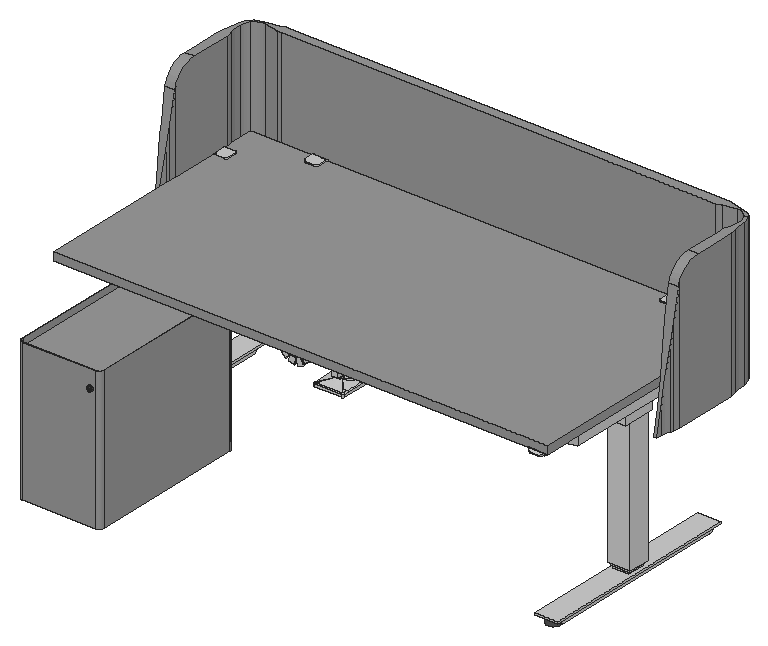
Revit family "Haworth_HiYa_MotorDriven_Rectangle_Desk_EU_PRELIMINARY", category Furniture Systems, Revit 2018 (continued)
Definition of nested family "Haworth_CableChain_PART"
  Automatic sketch dimensions
    Extrusion 10 sketch curve to Extrusion 10 sketch curve = 0.1185 cm  (x2)
    Extrusion 10 sketch curve to Extrusion 10 sketch curve = 1.4573 cm
    Extrusion 10 sketch curve to Extrusion 10 sketch curve = 0.0655 cm
    Extrusion 10 sketch curve to Extrusion 10 sketch curve = 0.062 cm
    Extrusion 10 sketch curve to Extrusion 10 sketch curve = 0.0026 cm
    Extrusion 10 sketch curve to Extrusion 10 sketch curve = 0.004 cm
    plane 8 to Extrusion 10 sketch curve = 0.3839 cm
    Extrusion 10 sketch curve to Extrusion 10 sketch curve = 1.5308 cm
    plane 3 "Right" to Extrusion 11 sketch curve = 2.2354 cm  (x2)
    Extrusion 11 sketch curve to Extrusion 11 sketch curve = 0.2183 cm  (x4)
    Extrusion 11 sketch curve to plane 8 = 0.4827 cm  (x2)
    Extrusion 11 sketch curve to Extrusion 11 sketch curve = 0.3167 cm
    Extrusion 11 sketch curve to plane 8 = 0.664 cm
    Extrusion 11 sketch curve to Extrusion 11 sketch curve = 0.1216 cm
    Extrusion 11 sketch curve to Extrusion 11 sketch curve = 0.1182 cm
    plane 8 to Extrusion 11 sketch curve = 0.1338 cm
    Extrusion 11 sketch curve to Extrusion 11 sketch curve = 0.5623 cm
    Extrusion 11 sketch curve to plane 8 = 0.2227 cm
    Extrusion 11 sketch curve to Extrusion 11 sketch curve = 0.3491 cm
    Extrusion 11 sketch curve to Extrusion 11 sketch curve = 0.0072 cm
    Extrusion 11 sketch curve to Extrusion 11 sketch curve = 0.0001 cm
    Extrusion 11 sketch curve to Extrusion 11 sketch curve = 0.093 cm
    Extrusion 11 sketch curve to Extrusion 11 sketch curve = 0.2544 cm
    plane 8 to Extrusion 11 sketch curve = 0.2193 cm
    Extrusion 11 sketch curve to Extrusion 11 sketch curve = 0.1316 cm
    plane 8 to Extrusion 11 sketch curve = 0.0365 cm  (x2)
    Extrusion 11 sketch curve to Extrusion 11 sketch curve = 0.1194 cm
    plane 3 "Right" to Extrusion 11 sketch curve = 0.1835 cm  (x2)
    Extrusion 11 sketch curve to plane 3 "Right" = 0.0348 cm  (x2)
    Extrusion 11 sketch curve to Extrusion 11 sketch curve = 0.3474 cm
    Extrusion 11 sketch curve to Extrusion 11 sketch curve = 0.1185 cm  (x2)
    Extrusion 11 sketch curve to Extrusion 11 sketch curve = 1.4573 cm
    Extrusion 11 sketch curve to Extrusion 11 sketch curve = 0.0655 cm
    Extrusion 11 sketch curve to Extrusion 11 sketch curve = 0.062 cm
    Extrusion 11 sketch curve to Extrusion 11 sketch curve = 0.0026 cm
    Extrusion 11 sketch curve to Extrusion 11 sketch curve = 0.004 cm
    plane 8 to Extrusion 11 sketch curve = 0.3839 cm
    Extrusion 11 sketch curve to Extrusion 11 sketch curve = 1.5308 cm
    plane 3 "Right" to Extrusion 12 sketch curve = 2.2354 cm  (x2)
    Extrusion 12 sketch curve to Extrusion 12 sketch curve = 0.2183 cm  (x4)
    Extrusion 12 sketch curve to plane 8 = 0.4827 cm  (x2)
    Extrusion 12 sketch curve to Extrusion 12 sketch curve = 0.3167 cm
    Extrusion 12 sketch curve to plane 8 = 0.664 cm
    Extrusion 12 sketch curve to Extrusion 12 sketch curve = 0.1216 cm
    Extrusion 12 sketch curve to Extrusion 12 sketch curve = 0.1182 cm
    plane 8 to Extrusion 12 sketch curve = 0.1338 cm
    Extrusion 12 sketch curve to Extrusion 12 sketch curve = 0.5623 cm
    Extrusion 12 sketch curve to plane 8 = 0.2227 cm
    Extrusion 12 sketch curve to Extrusion 12 sketch curve = 0.3491 cm
    Extrusion 12 sketch curve to Extrusion 12 sketch curve = 0.0072 cm
    Extrusion 12 sketch curve to Extrusion 12 sketch curve = 0.0001 cm
    Extrusion 12 sketch curve to Extrusion 12 sketch curve = 0.093 cm
    Extrusion 12 sketch curve to Extrusion 12 sketch curve = 0.2544 cm
    plane 8 to Extrusion 12 sketch curve = 0.2193 cm
    Extrusion 12 sketch curve to Extrusion 12 sketch curve = 0.1316 cm
    plane 8 to Extrusion 12 sketch curve = 0.0365 cm  (x2)
    Extrusion 12 sketch curve to Extrusion 12 sketch curve = 0.1194 cm
    plane 3 "Right" to Extrusion 12 sketch curve = 0.1835 cm  (x2)
    Extrusion 12 sketch curve to plane 3 "Right" = 0.0348 cm  (x2)
    Extrusion 12 sketch curve to Extrusion 12 sketch curve = 0.3474 cm
    Extrusion 12 sketch curve to Extrusion 12 sketch curve = 0.1185 cm  (x2)
    Extrusion 12 sketch curve to Extrusion 12 sketch curve = 1.4573 cm
    Extrusion 12 sketch curve to Extrusion 12 sketch curve = 0.0655 cm
    Extrusion 12 sketch curve to Extrusion 12 sketch curve = 0.062 cm
    Extrusion 12 sketch curve to Extrusion 12 sketch curve = 0.0026 cm
    Extrusion 12 sketch curve to Extrusion 12 sketch curve = 0.004 cm
    plane 8 to Extrusion 12 sketch curve = 0.3839 cm
    Extrusion 12 sketch curve to Extrusion 12 sketch curve = 1.5308 cm
    plane 3 "Right" to Extrusion 13 sketch curve = 2.2354 cm  (x2)
    Extrusion 13 sketch curve to Extrusion 13 sketch curve = 0.2183 cm  (x4)
    Extrusion 13 sketch curve to plane 8 = 0.4827 cm  (x2)
    Extrusion 13 sketch curve to Extrusion 13 sketch curve = 0.3167 cm
    Extrusion 13 sketch curve to plane 8 = 0.664 cm
    Extrusion 13 sketch curve to Extrusion 13 sketch curve = 0.1216 cm
    Extrusion 13 sketch curve to Extrusion 13 sketch curve = 0.1182 cm
    plane 8 to Extrusion 13 sketch curve = 0.1338 cm
    Extrusion 13 sketch curve to Extrusion 13 sketch curve = 0.5623 cm
    Extrusion 13 sketch curve to plane 8 = 0.2227 cm
    Extrusion 13 sketch curve to Extrusion 13 sketch curve = 0.3491 cm
    Extrusion 13 sketch curve to Extrusion 13 sketch curve = 0.0072 cm
    Extrusion 13 sketch curve to Extrusion 13 sketch curve = 0.0001 cm
    Extrusion 13 sketch curve to Extrusion 13 sketch curve = 0.093 cm
    Extrusion 13 sketch curve to Extrusion 13 sketch curve = 0.2544 cm
    plane 8 to Extrusion 13 sketch curve = 0.2193 cm
    Extrusion 13 sketch curve to Extrusion 13 sketch curve = 0.1316 cm
    plane 8 to Extrusion 13 sketch curve = 0.0365 cm  (x2)
    Extrusion 13 sketch curve to Extrusion 13 sketch curve = 0.1194 cm
    plane 3 "Right" to Extrusion 13 sketch curve = 0.1835 cm  (x2)
    Extrusion 13 sketch curve to plane 3 "Right" = 0.0348 cm  (x2)
    Extrusion 13 sketch curve to Extrusion 13 sketch curve = 0.3474 cm
    Extrusion 13 sketch curve to Extrusion 13 sketch curve = 0.1185 cm  (x2)
    Extrusion 13 sketch curve to Extrusion 13 sketch curve = 1.4573 cm
    Extrusion 13 sketch curve to Extrusion 13 sketch curve = 0.0655 cm
    Extrusion 13 sketch curve to Extrusion 13 sketch curve = 0.062 cm
    Extrusion 13 sketch curve to Extrusion 13 sketch curve = 0.0026 cm
    Extrusion 13 sketch curve to Extrusion 13 sketch curve = 0.004 cm
    plane 8 to Extrusion 13 sketch curve = 0.3839 cm
    Extrusion 13 sketch curve to Extrusion 13 sketch curve = 1.5308 cm
    plane 3 "Right" to Extrusion 14 sketch curve = 2.2354 cm  (x2)
    Extrusion 14 sketch curve to Extrusion 14 sketch curve = 0.2183 cm  (x4)
    Extrusion 14 sketch curve to plane 8 = 0.4827 cm  (x2)
    Extrusion 14 sketch curve to Extrusion 14 sketch curve = 0.3167 cm
    Extrusion 14 sketch curve to plane 8 = 0.664 cm
    Extrusion 14 sketch curve to Extrusion 14 sketch curve = 0.1216 cm
    Extrusion 14 sketch curve to Extrusion 14 sketch curve = 0.1182 cm
    plane 8 to Extrusion 14 sketch curve = 0.1338 cm
    Extrusion 14 sketch curve to Extrusion 14 sketch curve = 0.5623 cm
    Extrusion 14 sketch curve to plane 8 = 0.2227 cm
    Extrusion 14 sketch curve to Extrusion 14 sketch curve = 0.3491 cm
    Extrusion 14 sketch curve to Extrusion 14 sketch curve = 0.0072 cm
    Extrusion 14 sketch curve to Extrusion 14 sketch curve = 0.0001 cm
    Extrusion 14 sketch curve to Extrusion 14 sketch curve = 0.093 cm
    Extrusion 14 sketch curve to Extrusion 14 sketch curve = 0.2544 cm
    plane 8 to Extrusion 14 sketch curve = 0.2193 cm
    Extrusion 14 sketch curve to Extrusion 14 sketch curve = 0.1316 cm
    plane 8 to Extrusion 14 sketch curve = 0.0365 cm  (x2)
    Extrusion 14 sketch curve to Extrusion 14 sketch curve = 0.1194 cm
    plane 3 "Right" to Extrusion 14 sketch curve = 0.1835 cm  (x2)
    Extrusion 14 sketch curve to plane 3 "Right" = 0.0348 cm  (x2)
    Extrusion 14 sketch curve to Extrusion 14 sketch curve = 0.3474 cm
    Extrusion 14 sketch curve to Extrusion 14 sketch curve = 0.1185 cm  (x2)
    Extrusion 14 sketch curve to Extrusion 14 sketch curve = 1.4573 cm
    Extrusion 14 sketch curve to Extrusion 14 sketch curve = 0.0655 cm
    Extrusion 14 sketch curve to Extrusion 14 sketch curve = 0.062 cm
    Extrusion 14 sketch curve to Extrusion 14 sketch curve = 0.0026 cm
    Extrusion 14 sketch curve to Extrusion 14 sketch curve = 0.004 cm
    plane 8 to Extrusion 14 sketch curve = 0.3839 cm
    Extrusion 14 sketch curve to Extrusion 14 sketch curve = 1.5308 cm
    plane 3 "Right" to Extrusion 15 sketch curve = 2.2354 cm  (x2)
    Extrusion 15 sketch curve to Extrusion 15 sketch curve = 0.2183 cm  (x4)
    Extrusion 15 sketch curve to plane 8 = 0.4827 cm  (x2)
    Extrusion 15 sketch curve to Extrusion 15 sketch curve = 0.3167 cm
    Extrusion 15 sketch curve to plane 8 = 0.664 cm
    Extrusion 15 sketch curve to Extrusion 15 sketch curve = 0.1216 cm
    Extrusion 15 sketch curve to Extrusion 15 sketch curve = 0.1182 cm
    plane 8 to Extrusion 15 sketch curve = 0.1338 cm
    Extrusion 15 sketch curve to Extrusion 15 sketch curve = 0.5623 cm
    Extrusion 15 sketch curve to plane 8 = 0.2227 cm
    Extrusion 15 sketch curve to Extrusion 15 sketch curve = 0.3491 cm
    Extrusion 15 sketch curve to Extrusion 15 sketch curve = 0.0072 cm
    Extrusion 15 sketch curve to Extrusion 15 sketch curve = 0.0001 cm
    Extrusion 15 sketch curve to Extrusion 15 sketch curve = 0.093 cm
    Extrusion 15 sketch curve to Extrusion 15 sketch curve = 0.2544 cm
    plane 8 to Extrusion 15 sketch curve = 0.2193 cm
    Extrusion 15 sketch curve to Extrusion 15 sketch curve = 0.1316 cm
    plane 8 to Extrusion 15 sketch curve = 0.0365 cm  (x2)
    Extrusion 15 sketch curve to Extrusion 15 sketch curve = 0.1194 cm
    plane 3 "Right" to Extrusion 15 sketch curve = 0.1835 cm  (x2)
    Extrusion 15 sketch curve to plane 3 "Right" = 0.0348 cm  (x2)
    Extrusion 15 sketch curve to Extrusion 15 sketch curve = 0.3474 cm
    Extrusion 15 sketch curve to Extrusion 15 sketch curve = 0.1185 cm  (x2)
    Extrusion 15 sketch curve to Extrusion 15 sketch curve = 1.4573 cm
    Extrusion 15 sketch curve to Extrusion 15 sketch curve = 0.0655 cm
    Extrusion 15 sketch curve to Extrusion 15 sketch curve = 0.062 cm
    Extrusion 15 sketch curve to Extrusion 15 sketch curve = 0.0026 cm
    Extrusion 15 sketch curve to Extrusion 15 sketch curve = 0.004 cm
    plane 8 to Extrusion 15 sketch curve = 0.3839 cm
    Extrusion 15 sketch curve to Extrusion 15 sketch curve = 1.5308 cm
    plane 3 "Right" to Extrusion 16 sketch curve = 2.2354 cm  (x2)
    Extrusion 16 sketch curve to Extrusion 16 sketch curve = 0.2183 cm  (x4)
    Extrusion 16 sketch curve to plane 8 = 0.4827 cm  (x2)
    Extrusion 16 sketch curve to Extrusion 16 sketch curve = 0.3167 cm
    Extrusion 16 sketch curve to plane 8 = 0.664 cm
    Extrusion 16 sketch curve to Extrusion 16 sketch curve = 0.1216 cm
    Extrusion 16 sketch curve to Extrusion 16 sketch curve = 0.1182 cm
    plane 8 to Extrusion 16 sketch curve = 0.1338 cm
    Extrusion 16 sketch curve to Extrusion 16 sketch curve = 0.5623 cm
    Extrusion 16 sketch curve to plane 8 = 0.2227 cm
    Extrusion 16 sketch curve to Extrusion 16 sketch curve = 0.3491 cm
    Extrusion 16 sketch curve to Extrusion 16 sketch curve = 0.0072 cm
    Extrusion 16 sketch curve to Extrusion 16 sketch curve = 0.0001 cm
    Extrusion 16 sketch curve to Extrusion 16 sketch curve = 0.093 cm
    Extrusion 16 sketch curve to Extrusion 16 sketch curve = 0.2544 cm
    plane 8 to Extrusion 16 sketch curve = 0.2193 cm
    Extrusion 16 sketch curve to Extrusion 16 sketch curve = 0.1316 cm
    plane 8 to Extrusion 16 sketch curve = 0.0365 cm  (x2)
    Extrusion 16 sketch curve to Extrusion 16 sketch curve = 0.1194 cm
    plane 3 "Right" to Extrusion 16 sketch curve = 0.1835 cm  (x2)
    Extrusion 16 sketch curve to plane 3 "Right" = 0.0348 cm  (x2)
    Extrusion 16 sketch curve to Extrusion 16 sketch curve = 0.3474 cm
    Extrusion 16 sketch curve to Extrusion 16 sketch curve = 0.1185 cm  (x2)
    Extrusion 16 sketch curve to Extrusion 16 sketch curve = 1.4573 cm
    Extrusion 16 sketch curve to Extrusion 16 sketch curve = 0.0655 cm
    Extrusion 16 sketch curve to Extrusion 16 sketch curve = 0.062 cm
    Extrusion 16 sketch curve to Extrusion 16 sketch curve = 0.0026 cm
    Extrusion 16 sketch curve to Extrusion 16 sketch curve = 0.004 cm
    plane 8 to Extrusion 16 sketch curve = 0.3839 cm
    Extrusion 16 sketch curve to Extrusion 16 sketch curve = 1.5308 cm
    plane 3 "Right" to Extrusion 17 sketch curve = 2.2354 cm  (x2)
    Extrusion 17 sketch curve to Extrusion 17 sketch curve = 0.2183 cm  (x4)
    Extrusion 17 sketch curve to plane 8 = 0.4827 cm  (x2)
    Extrusion 17 sketch curve to Extrusion 17 sketch curve = 0.3167 cm
    Extrusion 17 sketch curve to plane 8 = 0.664 cm
    Extrusion 17 sketch curve to Extrusion 17 sketch curve = 0.1216 cm
    Extrusion 17 sketch curve to Extrusion 17 sketch curve = 0.1182 cm
    plane 8 to Extrusion 17 sketch curve = 0.1338 cm
    Extrusion 17 sketch curve to Extrusion 17 sketch curve = 0.5623 cm
    Extrusion 17 sketch curve to plane 8 = 0.2227 cm
    Extrusion 17 sketch curve to Extrusion 17 sketch curve = 0.3491 cm
    Extrusion 17 sketch curve to Extrusion 17 sketch curve = 0.0072 cm
    Extrusion 17 sketch curve to Extrusion 17 sketch curve = 0.0001 cm
    Extrusion 17 sketch curve to Extrusion 17 sketch curve = 0.093 cm
    Extrusion 17 sketch curve to Extrusion 17 sketch curve = 0.2544 cm
    plane 8 to Extrusion 17 sketch curve = 0.2193 cm
    Extrusion 17 sketch curve to Extrusion 17 sketch curve = 0.1316 cm
    plane 8 to Extrusion 17 sketch curve = 0.0365 cm  (x2)
    Extrusion 17 sketch curve to Extrusion 17 sketch curve = 0.1194 cm
    plane 3 "Right" to Extrusion 17 sketch curve = 0.1835 cm  (x2)
    Extrusion 17 sketch curve to plane 3 "Right" = 0.0348 cm  (x2)
    Extrusion 17 sketch curve to Extrusion 17 sketch curve = 0.3474 cm
    Extrusion 17 sketch curve to Extrusion 17 sketch curve = 0.1185 cm  (x2)
    Extrusion 17 sketch curve to Extrusion 17 sketch curve = 1.4573 cm
    Extrusion 17 sketch curve to Extrusion 17 sketch curve = 0.0655 cm
    Extrusion 17 sketch curve to Extrusion 17 sketch curve = 0.062 cm
    Extrusion 17 sketch curve to Extrusion 17 sketch curve = 0.0026 cm
    Extrusion 17 sketch curve to Extrusion 17 sketch curve = 0.004 cm
    plane 8 to Extrusion 17 sketch curve = 0.3839 cm
    Extrusion 17 sketch curve to Extrusion 17 sketch curve = 1.5308 cm
    plane 3 "Right" to Extrusion 18 sketch curve = 2.2354 cm  (x2)
    Extrusion 18 sketch curve to Extrusion 18 sketch curve = 0.2183 cm  (x4)
    Extrusion 18 sketch curve to plane 8 = 0.4827 cm  (x2)
    Extrusion 18 sketch curve to Extrusion 18 sketch curve = 0.3167 cm
    Extrusion 18 sketch curve to plane 8 = 0.664 cm
    Extrusion 18 sketch curve to Extrusion 18 sketch curve = 0.1216 cm
    Extrusion 18 sketch curve to Extrusion 18 sketch curve = 0.1182 cm
    plane 8 to Extrusion 18 sketch curve = 0.1338 cm
    Extrusion 18 sketch curve to Extrusion 18 sketch curve = 0.5623 cm
    Extrusion 18 sketch curve to plane 8 = 0.2227 cm
    Extrusion 18 sketch curve to Extrusion 18 sketch curve = 0.3491 cm
    Extrusion 18 sketch curve to Extrusion 18 sketch curve = 0.0072 cm
    Extrusion 18 sketch curve to Extrusion 18 sketch curve = 0.0001 cm
    Extrusion 18 sketch curve to Extrusion 18 sketch curve = 0.093 cm
    Extrusion 18 sketch curve to Extrusion 18 sketch curve = 0.2544 cm
    plane 8 to Extrusion 18 sketch curve = 0.2193 cm
    Extrusion 18 sketch curve to Extrusion 18 sketch curve = 0.1316 cm
    plane 8 to Extrusion 18 sketch curve = 0.0365 cm  (x2)
    Extrusion 18 sketch curve to Extrusion 18 sketch curve = 0.1194 cm
    plane 3 "Right" to Extrusion 18 sketch curve = 0.1835 cm  (x2)
    Extrusion 18 sketch curve to plane 3 "Right" = 0.0348 cm  (x2)
    Extrusion 18 sketch curve to Extrusion 18 sketch curve = 0.3474 cm
    Extrusion 18 sketch curve to Extrusion 18 sketch curve = 0.1185 cm  (x2)
    Extrusion 18 sketch curve to Extrusion 18 sketch curve = 1.4573 cm
    Extrusion 18 sketch curve to Extrusion 18 sketch curve = 0.0655 cm
    Extrusion 18 sketch curve to Extrusion 18 sketch curve = 0.062 cm
    Extrusion 18 sketch curve to Extrusion 18 sketch curve = 0.0026 cm
    Extrusion 18 sketch curve to Extrusion 18 sketch curve = 0.004 cm
    plane 8 to Extrusion 18 sketch curve = 0.3839 cm
    Extrusion 18 sketch curve to Extrusion 18 sketch curve = 1.5308 cm
    plane 3 "Right" to Extrusion 19 sketch curve = 2.2354 cm  (x2)
    Extrusion 19 sketch curve to Extrusion 19 sketch curve = 0.2183 cm  (x4)
    Extrusion 19 sketch curve to plane 8 = 0.4827 cm  (x2)
    Extrusion 19 sketch curve to Extrusion 19 sketch curve = 0.3167 cm
    Extrusion 19 sketch curve to plane 8 = 0.664 cm
    Extrusion 19 sketch curve to Extrusion 19 sketch curve = 0.1216 cm
    Extrusion 19 sketch curve to Extrusion 19 sketch curve = 0.1182 cm
    plane 8 to Extrusion 19 sketch curve = 0.1338 cm
    Extrusion 19 sketch curve to Extrusion 19 sketch curve = 0.5623 cm
    Extrusion 19 sketch curve to plane 8 = 0.2227 cm
    Extrusion 19 sketch curve to Extrusion 19 sketch curve = 0.3491 cm
    Extrusion 19 sketch curve to Extrusion 19 sketch curve = 0.0072 cm
    Extrusion 19 sketch curve to Extrusion 19 sketch curve = 0.0001 cm
    Extrusion 19 sketch curve to Extrusion 19 sketch curve = 0.093 cm
    Extrusion 19 sketch curve to Extrusion 19 sketch curve = 0.2544 cm
    plane 8 to Extrusion 19 sketch curve = 0.2193 cm
    Extrusion 19 sketch curve to Extrusion 19 sketch curve = 0.1316 cm
    plane 8 to Extrusion 19 sketch curve = 0.0365 cm  (x2)
    Extrusion 19 sketch curve to Extrusion 19 sketch curve = 0.1194 cm
    plane 3 "Right" to Extrusion 19 sketch curve = 0.1835 cm  (x2)
    Extrusion 19 sketch curve to plane 3 "Right" = 0.0348 cm  (x2)
    Extrusion 19 sketch curve to Extrusion 19 sketch curve = 0.3474 cm
    Extrusion 19 sketch curve to Extrusion 19 sketch curve = 0.1185 cm  (x2)
    Extrusion 19 sketch curve to Extrusion 19 sketch curve = 1.4573 cm
    Extrusion 19 sketch curve to Extrusion 19 sketch curve = 0.0655 cm
    Extrusion 19 sketch curve to Extrusion 19 sketch curve = 0.062 cm
    Extrusion 19 sketch curve to Extrusion 19 sketch curve = 0.0026 cm
    Extrusion 19 sketch curve to Extrusion 19 sketch curve = 0.004 cm
    plane 8 to Extrusion 19 sketch curve = 0.3839 cm
    Extrusion 19 sketch curve to Extrusion 19 sketch curve = 1.5308 cm
    plane 3 "Right" to Extrusion 20 sketch curve = 2.2354 cm  (x2)
    Extrusion 20 sketch curve to Extrusion 20 sketch curve = 0.2183 cm  (x4)
    Extrusion 20 sketch curve to plane 8 = 0.4827 cm  (x2)
    Extrusion 20 sketch curve to Extrusion 20 sketch curve = 0.3167 cm
    Extrusion 20 sketch curve to plane 8 = 0.664 cm
    Extrusion 20 sketch curve to Extrusion 20 sketch curve = 0.1216 cm
    Extrusion 20 sketch curve to Extrusion 20 sketch curve = 0.1182 cm
    plane 8 to Extrusion 20 sketch curve = 0.1338 cm
    Extrusion 20 sketch curve to Extrusion 20 sketch curve = 0.5623 cm
    Extrusion 20 sketch curve to plane 8 = 0.2227 cm
    Extrusion 20 sketch curve to Extrusion 20 sketch curve = 0.3491 cm
    Extrusion 20 sketch curve to Extrusion 20 sketch curve = 0.0072 cm
    Extrusion 20 sketch curve to Extrusion 20 sketch curve = 0.0001 cm
    Extrusion 20 sketch curve to Extrusion 20 sketch curve = 0.093 cm
    Extrusion 20 sketch curve to Extrusion 20 sketch curve = 0.2544 cm
    plane 8 to Extrusion 20 sketch curve = 0.2193 cm
    Extrusion 20 sketch curve to Extrusion 20 sketch curve = 0.1316 cm
    plane 8 to Extrusion 20 sketch curve = 0.0365 cm  (x2)
    Extrusion 20 sketch curve to Extrusion 20 sketch curve = 0.1194 cm
    plane 3 "Right" to Extrusion 20 sketch curve = 0.1835 cm  (x2)
    Extrusion 20 sketch curve to plane 3 "Right" = 0.0348 cm  (x2)
    Extrusion 20 sketch curve to Extrusion 20 sketch curve = 0.3474 cm
    Extrusion 20 sketch curve to Extrusion 20 sketch curve = 0.1185 cm  (x2)
    Extrusion 20 sketch curve to Extrusion 20 sketch curve = 1.4573 cm
    Extrusion 20 sketch curve to Extrusion 20 sketch curve = 0.0655 cm
    Extrusion 20 sketch curve to Extrusion 20 sketch curve = 0.062 cm
    Extrusion 20 sketch curve to Extrusion 20 sketch curve = 0.0026 cm
    Extrusion 20 sketch curve to Extrusion 20 sketch curve = 0.004 cm
    plane 8 to Extrusion 20 sketch curve = 0.3839 cm
    Extrusion 20 sketch curve to Extrusion 20 sketch curve = 1.5308 cm
    Extrusion 21 sketch curve to plane 5 = 1.0781 cm  (x2)
    Extrusion 21 sketch curve to Extrusion 21 sketch curve = 0.2183 cm  (x6)
    Extrusion 21 sketch curve to plane 8 = 0.4827 cm  (x2)
    Extrusion 21 sketch curve to Extrusion 21 sketch curve = 0.3167 cm
    Extrusion 21 sketch curve to plane 8 = 0.664 cm
    Extrusion 21 sketch curve to Extrusion 21 sketch curve = 0.1216 cm
    Extrusion 21 sketch curve to Extrusion 21 sketch curve = 0.1182 cm
    plane 8 to Extrusion 21 sketch curve = 0.1338 cm
    Extrusion 21 sketch curve to Extrusion 21 sketch curve = 0.5623 cm
    Extrusion 21 sketch curve to plane 8 = 0.2227 cm
    Extrusion 21 sketch curve to Extrusion 21 sketch curve = 0.3491 cm
    Extrusion 21 sketch curve to Extrusion 21 sketch curve = 0.0072 cm
    Extrusion 21 sketch curve to Extrusion 21 sketch curve = 0.0001 cm
    Extrusion 21 sketch curve to Extrusion 21 sketch curve = 0.093 cm
    Extrusion 21 sketch curve to Extrusion 21 sketch curve = 0.2544 cm
    plane 8 to Extrusion 21 sketch curve = 0.2193 cm
    Extrusion 21 sketch curve to Extrusion 21 sketch curve = 0.1316 cm
    plane 8 to Extrusion 21 sketch curve = 0.0365 cm  (x2)
    Extrusion 21 sketch curve to Extrusion 21 sketch curve = 0.1194 cm
    Extrusion 21 sketch curve to Extrusion 21 sketch curve = 0.4361 cm
    Extrusion 21 sketch curve to Extrusion 21 sketch curve = 0.5676 cm
    Extrusion 21 sketch curve to Extrusion 21 sketch curve = 0.3474 cm
    Extrusion 21 sketch curve to Extrusion 21 sketch curve = 0.1185 cm  (x2)
    Extrusion 21 sketch curve to Extrusion 21 sketch curve = 1.4573 cm
    Extrusion 21 sketch curve to Extrusion 21 sketch curve = 0.0655 cm
    Extrusion 21 sketch curve to Extrusion 21 sketch curve = 0.062 cm
    Extrusion 21 sketch curve to Extrusion 21 sketch curve = 0.0026 cm
    Extrusion 21 sketch curve to Extrusion 21 sketch curve = 0.004 cm
    plane 8 to Extrusion 21 sketch curve = 0.3839 cm
    Extrusion 21 sketch curve to Extrusion 21 sketch curve = 1.5308 cm
    Extrusion 22 sketch curve to plane 5 = 1.0781 cm  (x2)
    Extrusion 22 sketch curve to Extrusion 22 sketch curve = 0.2183 cm  (x6)
    Extrusion 22 sketch curve to plane 8 = 0.4827 cm  (x2)
    Extrusion 22 sketch curve to Extrusion 22 sketch curve = 0.3167 cm
    Extrusion 22 sketch curve to plane 8 = 0.664 cm
    Extrusion 22 sketch curve to Extrusion 22 sketch curve = 0.1216 cm
    Extrusion 22 sketch curve to Extrusion 22 sketch curve = 0.1182 cm
    plane 8 to Extrusion 22 sketch curve = 0.1338 cm
    Extrusion 22 sketch curve to Extrusion 22 sketch curve = 0.5623 cm
    Extrusion 22 sketch curve to plane 8 = 0.2227 cm
    Extrusion 22 sketch curve to Extrusion 22 sketch curve = 0.3491 cm
    Extrusion 22 sketch curve to Extrusion 22 sketch curve = 0.0072 cm
    Extrusion 22 sketch curve to Extrusion 22 sketch curve = 0.0001 cm
    Extrusion 22 sketch curve to Extrusion 22 sketch curve = 0.093 cm
    Extrusion 22 sketch curve to Extrusion 22 sketch curve = 0.2544 cm
    plane 8 to Extrusion 22 sketch curve = 0.2193 cm
    Extrusion 22 sketch curve to Extrusion 22 sketch curve = 0.1316 cm
    plane 8 to Extrusion 22 sketch curve = 0.0365 cm  (x2)
    Extrusion 22 sketch curve to Extrusion 22 sketch curve = 0.1194 cm
    Extrusion 22 sketch curve to Extrusion 22 sketch curve = 0.4361 cm
    Extrusion 22 sketch curve to Extrusion 22 sketch curve = 0.5676 cm
    Extrusion 22 sketch curve to Extrusion 22 sketch curve = 0.3474 cm
    Extrusion 22 sketch curve to Extrusion 22 sketch curve = 0.1185 cm  (x2)
    Extrusion 22 sketch curve to Extrusion 22 sketch curve = 1.4573 cm
    Extrusion 22 sketch curve to Extrusion 22 sketch curve = 0.0655 cm
    Extrusion 22 sketch curve to Extrusion 22 sketch curve = 0.062 cm
    Extrusion 22 sketch curve to Extrusion 22 sketch curve = 0.0026 cm
    Extrusion 22 sketch curve to Extrusion 22 sketch curve = 0.004 cm
    plane 8 to Extrusion 22 sketch curve = 0.3839 cm
    Extrusion 22 sketch curve to Extrusion 22 sketch curve = 1.5308 cm
    Extrusion 23 sketch curve to plane 5 = 1.0781 cm  (x2)
    Extrusion 23 sketch curve to Extrusion 23 sketch curve = 0.2183 cm  (x6)
    Extrusion 23 sketch curve to plane 8 = 0.4827 cm  (x2)
    Extrusion 23 sketch curve to Extrusion 23 sketch curve = 0.3167 cm
    Extrusion 23 sketch curve to plane 8 = 0.664 cm
    Extrusion 23 sketch curve to Extrusion 23 sketch curve = 0.1216 cm
    Extrusion 23 sketch curve to Extrusion 23 sketch curve = 0.1182 cm
    plane 8 to Extrusion 23 sketch curve = 0.1338 cm
    Extrusion 23 sketch curve to Extrusion 23 sketch curve = 0.5623 cm
    Extrusion 23 sketch curve to plane 8 = 0.2227 cm
    Extrusion 23 sketch curve to Extrusion 23 sketch curve = 0.3491 cm
    Extrusion 23 sketch curve to Extrusion 23 sketch curve = 0.0072 cm
    Extrusion 23 sketch curve to Extrusion 23 sketch curve = 0.0001 cm
    Extrusion 23 sketch curve to Extrusion 23 sketch curve = 0.093 cm
    Extrusion 23 sketch curve to Extrusion 23 sketch curve = 0.2544 cm
    plane 8 to Extrusion 23 sketch curve = 0.2193 cm
    Extrusion 23 sketch curve to Extrusion 23 sketch curve = 0.1316 cm
    plane 8 to Extrusion 23 sketch curve = 0.0365 cm  (x2)
    Extrusion 23 sketch curve to Extrusion 23 sketch curve = 0.1194 cm
    Extrusion 23 sketch curve to Extrusion 23 sketch curve = 0.4361 cm
    Extrusion 23 sketch curve to Extrusion 23 sketch curve = 0.5676 cm
    Extrusion 23 sketch curve to Extrusion 23 sketch curve = 0.3474 cm
    Extrusion 23 sketch curve to Extrusion 23 sketch curve = 0.1185 cm  (x2)
    Extrusion 23 sketch curve to Extrusion 23 sketch curve = 1.4573 cm
    Extrusion 23 sketch curve to Extrusion 23 sketch curve = 0.0655 cm
    Extrusion 23 sketch curve to Extrusion 23 sketch curve = 0.062 cm
    Extrusion 23 sketch curve to Extrusion 23 sketch curve = 0.0026 cm
    Extrusion 23 sketch curve to Extrusion 23 sketch curve = 0.004 cm
    plane 8 to Extrusion 23 sketch curve = 0.3839 cm
    Extrusion 23 sketch curve to Extrusion 23 sketch curve = 1.5308 cm
    Extrusion 24 sketch curve to plane 5 = 1.0781 cm  (x2)
    Extrusion 24 sketch curve to Extrusion 24 sketch curve = 0.2183 cm  (x6)
    Extrusion 24 sketch curve to plane 8 = 0.4827 cm  (x2)
    Extrusion 24 sketch curve to Extrusion 24 sketch curve = 0.3167 cm
    Extrusion 24 sketch curve to plane 8 = 0.664 cm
    Extrusion 24 sketch curve to Extrusion 24 sketch curve = 0.1216 cm
    Extrusion 24 sketch curve to Extrusion 24 sketch curve = 0.1182 cm
    plane 8 to Extrusion 24 sketch curve = 0.1338 cm
    Extrusion 24 sketch curve to Extrusion 24 sketch curve = 0.5623 cm
    Extrusion 24 sketch curve to plane 8 = 0.2227 cm
    Extrusion 24 sketch curve to Extrusion 24 sketch curve = 0.3491 cm
    Extrusion 24 sketch curve to Extrusion 24 sketch curve = 0.0072 cm
    Extrusion 24 sketch curve to Extrusion 24 sketch curve = 0.0001 cm
    Extrusion 24 sketch curve to Extrusion 24 sketch curve = 0.093 cm
    Extrusion 24 sketch curve to Extrusion 24 sketch curve = 0.2544 cm
    plane 8 to Extrusion 24 sketch curve = 0.2193 cm
    Extrusion 24 sketch curve to Extrusion 24 sketch curve = 0.1316 cm
    plane 8 to Extrusion 24 sketch curve = 0.0365 cm  (x2)
    Extrusion 24 sketch curve to Extrusion 24 sketch curve = 0.1194 cm
    Extrusion 24 sketch curve to Extrusion 24 sketch curve = 0.4361 cm
    Extrusion 24 sketch curve to Extrusion 24 sketch curve = 0.5676 cm
    Extrusion 24 sketch curve to Extrusion 24 sketch curve = 0.3474 cm
    Extrusion 24 sketch curve to Extrusion 24 sketch curve = 0.1185 cm  (x2)
    Extrusion 24 sketch curve to Extrusion 24 sketch curve = 1.4573 cm
    Extrusion 24 sketch curve to Extrusion 24 sketch curve = 0.0655 cm
    Extrusion 24 sketch curve to Extrusion 24 sketch curve = 0.062 cm
    Extrusion 24 sketch curve to Extrusion 24 sketch curve = 0.0026 cm
    Extrusion 24 sketch curve to Extrusion 24 sketch curve = 0.004 cm
    plane 8 to Extrusion 24 sketch curve = 0.3839 cm
    Extrusion 24 sketch curve to Extrusion 24 sketch curve = 1.5308 cm
    Extrusion 25 sketch curve to plane 5 = 1.0781 cm  (x2)
    Extrusion 25 sketch curve to Extrusion 25 sketch curve = 0.2183 cm  (x6)
    Extrusion 25 sketch curve to plane 8 = 0.4827 cm  (x2)
    Extrusion 25 sketch curve to Extrusion 25 sketch curve = 0.3167 cm
    Extrusion 25 sketch curve to plane 8 = 0.664 cm
    Extrusion 25 sketch curve to Extrusion 25 sketch curve = 0.1216 cm
    Extrusion 25 sketch curve to Extrusion 25 sketch curve = 0.1182 cm
    plane 8 to Extrusion 25 sketch curve = 0.1338 cm
    Extrusion 25 sketch curve to Extrusion 25 sketch curve = 0.5623 cm
    Extrusion 25 sketch curve to plane 8 = 0.2227 cm
    Extrusion 25 sketch curve to Extrusion 25 sketch curve = 0.3491 cm
    Extrusion 25 sketch curve to Extrusion 25 sketch curve = 0.0072 cm
    Extrusion 25 sketch curve to Extrusion 25 sketch curve = 0.0001 cm
    Extrusion 25 sketch curve to Extrusion 25 sketch curve = 0.093 cm
    Extrusion 25 sketch curve to Extrusion 25 sketch curve = 0.2544 cm
    plane 8 to Extrusion 25 sketch curve = 0.2193 cm
    Extrusion 25 sketch curve to Extrusion 25 sketch curve = 0.1316 cm
    plane 8 to Extrusion 25 sketch curve = 0.0365 cm  (x2)
    Extrusion 25 sketch curve to Extrusion 25 sketch curve = 0.1194 cm
    Extrusion 25 sketch curve to Extrusion 25 sketch curve = 0.4361 cm
    Extrusion 25 sketch curve to Extrusion 25 sketch curve = 0.5676 cm
    Extrusion 25 sketch curve to Extrusion 25 sketch curve = 0.3474 cm
    Extrusion 25 sketch curve to Extrusion 25 sketch curve = 0.1185 cm  (x2)
    Extrusion 25 sketch curve to Extrusion 25 sketch curve = 1.4573 cm
    Extrusion 25 sketch curve to Extrusion 25 sketch curve = 0.0655 cm
    Extrusion 25 sketch curve to Extrusion 25 sketch curve = 0.062 cm
    Extrusion 25 sketch curve to Extrusion 25 sketch curve = 0.0026 cm
    Extrusion 25 sketch curve to Extrusion 25 sketch curve = 0.004 cm
    plane 8 to Extrusion 25 sketch curve = 0.3839 cm
    Extrusion 25 sketch curve to Extrusion 25 sketch curve = 1.5308 cm
    Extrusion 26 sketch curve to plane 5 = 1.0781 cm  (x2)
    Extrusion 26 sketch curve to Extrusion 26 sketch curve = 0.2183 cm  (x6)
    Extrusion 26 sketch curve to plane 8 = 0.4827 cm  (x2)
    Extrusion 26 sketch curve to Extrusion 26 sketch curve = 0.3167 cm
    Extrusion 26 sketch curve to plane 8 = 0.664 cm
    Extrusion 26 sketch curve to Extrusion 26 sketch curve = 0.1216 cm
    Extrusion 26 sketch curve to Extrusion 26 sketch curve = 0.1182 cm
    plane 8 to Extrusion 26 sketch curve = 0.1338 cm
    Extrusion 26 sketch curve to Extrusion 26 sketch curve = 0.5623 cm
    Extrusion 26 sketch curve to plane 8 = 0.2227 cm
    Extrusion 26 sketch curve to Extrusion 26 sketch curve = 0.3491 cm
    Extrusion 26 sketch curve to Extrusion 26 sketch curve = 0.0072 cm
    Extrusion 26 sketch curve to Extrusion 26 sketch curve = 0.0001 cm
    Extrusion 26 sketch curve to Extrusion 26 sketch curve = 0.093 cm
    Extrusion 26 sketch curve to Extrusion 26 sketch curve = 0.2544 cm
    plane 8 to Extrusion 26 sketch curve = 0.2193 cm
    Extrusion 26 sketch curve to Extrusion 26 sketch curve = 0.1316 cm
    plane 8 to Extrusion 26 sketch curve = 0.0365 cm  (x2)
    Extrusion 26 sketch curve to Extrusion 26 sketch curve = 0.1194 cm
    Extrusion 26 sketch curve to Extrusion 26 sketch curve = 0.4361 cm
    Extrusion 26 sketch curve to Extrusion 26 sketch curve = 0.5676 cm
    Extrusion 26 sketch curve to Extrusion 26 sketch curve = 0.3474 cm
    Extrusion 26 sketch curve to Extrusion 26 sketch curve = 0.1185 cm  (x2)
    Extrusion 26 sketch curve to Extrusion 26 sketch curve = 1.4573 cm
    Extrusion 26 sketch curve to Extrusion 26 sketch curve = 0.0655 cm
    Extrusion 26 sketch curve to Extrusion 26 sketch curve = 0.062 cm
    Extrusion 26 sketch curve to Extrusion 26 sketch curve = 0.0026 cm
    Extrusion 26 sketch curve to Extrusion 26 sketch curve = 0.004 cm
    plane 8 to Extrusion 26 sketch curve = 0.3839 cm
    Extrusion 26 sketch curve to Extrusion 26 sketch curve = 1.5308 cm
    Extrusion 27 sketch curve to plane 4 = 4.3732 cm
    Extrusion 27 sketch curve to Extrusion 27 sketch curve = 0 cm
    Extrusion 27 sketch curve to Extrusion 27 sketch curve = 0.2183 cm  (x6)
    Extrusion 27 sketch curve to plane 8 = 0.4827 cm  (x2)
    Extrusion 27 sketch curve to Extrusion 27 sketch curve = 0.3167 cm
    Extrusion 27 sketch curve to plane 8 = 0.664 cm
    Extrusion 27 sketch curve to Extrusion 27 sketch curve = 0.1216 cm
    Extrusion 27 sketch curve to Extrusion 27 sketch curve = 0.1182 cm
    plane 8 to Extrusion 27 sketch curve = 0.1338 cm
    Extrusion 27 sketch curve to Extrusion 27 sketch curve = 0.5623 cm
    Extrusion 27 sketch curve to plane 8 = 0.2227 cm
    Extrusion 27 sketch curve to Extrusion 27 sketch curve = 0.3491 cm
    Extrusion 27 sketch curve to Extrusion 27 sketch curve = 0.0072 cm
    Extrusion 27 sketch curve to Extrusion 27 sketch curve = 0.0001 cm
    Extrusion 27 sketch curve to Extrusion 27 sketch curve = 0.093 cm
    Extrusion 27 sketch curve to Extrusion 27 sketch curve = 0.2544 cm
    plane 8 to Extrusion 27 sketch curve = 0.2193 cm
    Extrusion 27 sketch curve to Extrusion 27 sketch curve = 0.1316 cm
    plane 8 to Extrusion 27 sketch curve = 0.0365 cm  (x2)
    Extrusion 27 sketch curve to Extrusion 27 sketch curve = 0.1194 cm
    Extrusion 27 sketch curve to Extrusion 27 sketch curve = 0.4361 cm
    Extrusion 27 sketch curve to Extrusion 27 sketch curve = 0.5676 cm
    Extrusion 27 sketch curve to Extrusion 27 sketch curve = 0.3474 cm
    Extrusion 27 sketch curve to Extrusion 27 sketch curve = 0.1185 cm  (x2)
    Extrusion 27 sketch curve to Extrusion 27 sketch curve = 1.4573 cm
    Extrusion 27 sketch curve to Extrusion 27 sketch curve = 0.0655 cm
    Extrusion 27 sketch curve to Extrusion 27 sketch curve = 0.062 cm
    Extrusion 27 sketch curve to Extrusion 27 sketch curve = 0.0026 cm
    Extrusion 27 sketch curve to Extrusion 27 sketch curve = 0.004 cm
    plane 8 to Extrusion 27 sketch curve = 0.3839 cm
    Extrusion 27 sketch curve to Extrusion 27 sketch curve = 1.5308 cm
    Extrusion 28 sketch curve to plane 4 = 4.3732 cm
    Extrusion 28 sketch curve to Extrusion 28 sketch curve = 0 cm
    Extrusion 28 sketch curve to Extrusion 28 sketch curve = 0.2183 cm  (x6)
    Extrusion 28 sketch curve to plane 8 = 0.4827 cm  (x2)
    Extrusion 28 sketch curve to Extrusion 28 sketch curve = 0.3167 cm
    Extrusion 28 sketch curve to plane 8 = 0.664 cm
    Extrusion 28 sketch curve to Extrusion 28 sketch curve = 0.1216 cm
    Extrusion 28 sketch curve to Extrusion 28 sketch curve = 0.1182 cm
    plane 8 to Extrusion 28 sketch curve = 0.1338 cm
    Extrusion 28 sketch curve to Extrusion 28 sketch curve = 0.5623 cm
    Extrusion 28 sketch curve to plane 8 = 0.2227 cm
    Extrusion 28 sketch curve to Extrusion 28 sketch curve = 0.3491 cm
    Extrusion 28 sketch curve to Extrusion 28 sketch curve = 0.0072 cm
    Extrusion 28 sketch curve to Extrusion 28 sketch curve = 0.0001 cm
    Extrusion 28 sketch curve to Extrusion 28 sketch curve = 0.093 cm
    Extrusion 28 sketch curve to Extrusion 28 sketch curve = 0.2544 cm
    plane 8 to Extrusion 28 sketch curve = 0.2193 cm
    Extrusion 28 sketch curve to Extrusion 28 sketch curve = 0.1316 cm
    plane 8 to Extrusion 28 sketch curve = 0.0365 cm  (x2)
    Extrusion 28 sketch curve to Extrusion 28 sketch curve = 0.1194 cm
    Extrusion 28 sketch curve to Extrusion 28 sketch curve = 0.4361 cm
    Extrusion 28 sketch curve to Extrusion 28 sketch curve = 0.5676 cm
    Extrusion 28 sketch curve to Extrusion 28 sketch curve = 0.3474 cm
    Extrusion 28 sketch curve to Extrusion 28 sketch curve = 0.1185 cm  (x2)
    Extrusion 28 sketch curve to Extrusion 28 sketch curve = 1.4573 cm
    Extrusion 28 sketch curve to Extrusion 28 sketch curve = 0.0655 cm
    Extrusion 28 sketch curve to Extrusion 28 sketch curve = 0.062 cm
    Extrusion 28 sketch curve to Extrusion 28 sketch curve = 0.0026 cm
    Extrusion 28 sketch curve to Extrusion 28 sketch curve = 0.004 cm
    plane 8 to Extrusion 28 sketch curve = 0.3839 cm
    Extrusion 28 sketch curve to Extrusion 28 sketch curve = 1.5308 cm
    Extrusion 29 sketch curve to plane 4 = 4.3732 cm
    Extrusion 29 sketch curve to Extrusion 29 sketch curve = 0 cm
    Extrusion 29 sketch curve to Extrusion 29 sketch curve = 0.2183 cm  (x6)
    Extrusion 29 sketch curve to plane 8 = 0.4827 cm  (x2)
    Extrusion 29 sketch curve to Extrusion 29 sketch curve = 0.3167 cm
    Extrusion 29 sketch curve to plane 8 = 0.664 cm
    Extrusion 29 sketch curve to Extrusion 29 sketch curve = 0.1216 cm
    Extrusion 29 sketch curve to Extrusion 29 sketch curve = 0.1182 cm
    plane 8 to Extrusion 29 sketch curve = 0.1338 cm
    Extrusion 29 sketch curve to Extrusion 29 sketch curve = 0.5623 cm
    Extrusion 29 sketch curve to plane 8 = 0.2227 cm
    Extrusion 29 sketch curve to Extrusion 29 sketch curve = 0.3491 cm
    Extrusion 29 sketch curve to Extrusion 29 sketch curve = 0.0072 cm
    Extrusion 29 sketch curve to Extrusion 29 sketch curve = 0.0001 cm
    Extrusion 29 sketch curve to Extrusion 29 sketch curve = 0.093 cm
    Extrusion 29 sketch curve to Extrusion 29 sketch curve = 0.2544 cm
    plane 8 to Extrusion 29 sketch curve = 0.2193 cm
    Extrusion 29 sketch curve to Extrusion 29 sketch curve = 0.1316 cm
    plane 8 to Extrusion 29 sketch curve = 0.0365 cm  (x2)
    Extrusion 29 sketch curve to Extrusion 29 sketch curve = 0.1194 cm
    Extrusion 29 sketch curve to Extrusion 29 sketch curve = 0.4361 cm
    Extrusion 29 sketch curve to Extrusion 29 sketch curve = 0.5676 cm
    Extrusion 29 sketch curve to Extrusion 29 sketch curve = 0.3474 cm
    Extrusion 29 sketch curve to Extrusion 29 sketch curve = 0.1185 cm  (x2)
    Extrusion 29 sketch curve to Extrusion 29 sketch curve = 1.4573 cm
    Extrusion 29 sketch curve to Extrusion 29 sketch curve = 0.0655 cm
    Extrusion 29 sketch curve to Extrusion 29 sketch curve = 0.062 cm
    Extrusion 29 sketch curve to Extrusion 29 sketch curve = 0.0026 cm
    Extrusion 29 sketch curve to Extrusion 29 sketch curve = 0.004 cm
    plane 8 to Extrusion 29 sketch curve = 0.3839 cm
    Extrusion 29 sketch curve to Extrusion 29 sketch curve = 1.5308 cm
    Extrusion 30 sketch curve to plane 4 = 4.3732 cm
    Extrusion 30 sketch curve to Extrusion 30 sketch curve = 0 cm
    Extrusion 30 sketch curve to Extrusion 30 sketch curve = 0.2183 cm  (x6)
    Extrusion 30 sketch curve to plane 8 = 0.4827 cm  (x2)
    Extrusion 30 sketch curve to Extrusion 30 sketch curve = 0.3167 cm
    Extrusion 30 sketch curve to plane 8 = 0.664 cm
    Extrusion 30 sketch curve to Extrusion 30 sketch curve = 0.1216 cm
    Extrusion 30 sketch curve to Extrusion 30 sketch curve = 0.1182 cm
    plane 8 to Extrusion 30 sketch curve = 0.1338 cm
    Extrusion 30 sketch curve to Extrusion 30 sketch curve = 0.5623 cm
    Extrusion 30 sketch curve to plane 8 = 0.2227 cm
    Extrusion 30 sketch curve to Extrusion 30 sketch curve = 0.3491 cm
    Extrusion 30 sketch curve to Extrusion 30 sketch curve = 0.0072 cm
    Extrusion 30 sketch curve to Extrusion 30 sketch curve = 0.0001 cm
    Extrusion 30 sketch curve to Extrusion 30 sketch curve = 0.093 cm
    Extrusion 30 sketch curve to Extrusion 30 sketch curve = 0.2544 cm
    plane 8 to Extrusion 30 sketch curve = 0.2193 cm
    Extrusion 30 sketch curve to Extrusion 30 sketch curve = 0.1316 cm
    plane 8 to Extrusion 30 sketch curve = 0.0365 cm  (x2)
    Extrusion 30 sketch curve to Extrusion 30 sketch curve = 0.1194 cm
    Extrusion 30 sketch curve to Extrusion 30 sketch curve = 0.4361 cm
    Extrusion 30 sketch curve to Extrusion 30 sketch curve = 0.5676 cm
    Extrusion 30 sketch curve to Extrusion 30 sketch curve = 0.3474 cm
    Extrusion 30 sketch curve to Extrusion 30 sketch curve = 0.1185 cm  (x2)
    Extrusion 30 sketch curve to Extrusion 30 sketch curve = 1.4573 cm
    Extrusion 30 sketch curve to Extrusion 30 sketch curve = 0.0655 cm
    Extrusion 30 sketch curve to Extrusion 30 sketch curve = 0.062 cm
    Extrusion 30 sketch curve to Extrusion 30 sketch curve = 0.0026 cm
    Extrusion 30 sketch curve to Extrusion 30 sketch curve = 0.004 cm
    plane 8 to Extrusion 30 sketch curve = 0.3839 cm
    Extrusion 30 sketch curve to Extrusion 30 sketch curve = 1.5308 cm
    Extrusion 31 sketch curve to plane 4 = 4.3732 cm
    Extrusion 31 sketch curve to Extrusion 31 sketch curve = 0 cm
    Extrusion 31 sketch curve to Extrusion 31 sketch curve = 0.2183 cm  (x6)
    Extrusion 31 sketch curve to plane 8 = 0.4827 cm  (x2)
    Extrusion 31 sketch curve to Extrusion 31 sketch curve = 0.3167 cm
    Extrusion 31 sketch curve to plane 8 = 0.664 cm
    Extrusion 31 sketch curve to Extrusion 31 sketch curve = 0.1216 cm
    Extrusion 31 sketch curve to Extrusion 31 sketch curve = 0.1182 cm
    plane 8 to Extrusion 31 sketch curve = 0.1338 cm
    Extrusion 31 sketch curve to Extrusion 31 sketch curve = 0.5623 cm
    Extrusion 31 sketch curve to plane 8 = 0.2227 cm
    Extrusion 31 sketch curve to Extrusion 31 sketch curve = 0.3491 cm
    Extrusion 31 sketch curve to Extrusion 31 sketch curve = 0.0072 cm
    Extrusion 31 sketch curve to Extrusion 31 sketch curve = 0.0001 cm
    Extrusion 31 sketch curve to Extrusion 31 sketch curve = 0.093 cm
    Extrusion 31 sketch curve to Extrusion 31 sketch curve = 0.2544 cm
    plane 8 to Extrusion 31 sketch curve = 0.2193 cm
    Extrusion 31 sketch curve to Extrusion 31 sketch curve = 0.1316 cm
    plane 8 to Extrusion 31 sketch curve = 0.0365 cm  (x2)
    Extrusion 31 sketch curve to Extrusion 31 sketch curve = 0.1194 cm
    Extrusion 31 sketch curve to Extrusion 31 sketch curve = 0.4361 cm
    Extrusion 31 sketch curve to Extrusion 31 sketch curve = 0.5676 cm
    Extrusion 31 sketch curve to Extrusion 31 sketch curve = 0.3474 cm
    Extrusion 31 sketch curve to Extrusion 31 sketch curve = 0.1185 cm  (x2)
    Extrusion 31 sketch curve to Extrusion 31 sketch curve = 1.4573 cm
    Extrusion 31 sketch curve to Extrusion 31 sketch curve = 0.0655 cm
    Extrusion 31 sketch curve to Extrusion 31 sketch curve = 0.062 cm
    Extrusion 31 sketch curve to Extrusion 31 sketch curve = 0.0026 cm
    Extrusion 31 sketch curve to Extrusion 31 sketch curve = 0.004 cm
    plane 8 to Extrusion 31 sketch curve = 0.3839 cm
    Extrusion 31 sketch curve to Extrusion 31 sketch curve = 1.5308 cm
    Extrusion 32 sketch curve to plane 4 = 4.3732 cm
    Extrusion 32 sketch curve to Extrusion 32 sketch curve = 0 cm
    Extrusion 32 sketch curve to Extrusion 32 sketch curve = 0.2183 cm  (x6)
    Extrusion 32 sketch curve to plane 8 = 0.4827 cm  (x2)
    Extrusion 32 sketch curve to Extrusion 32 sketch curve = 0.3167 cm
    Extrusion 32 sketch curve to plane 8 = 0.664 cm
    Extrusion 32 sketch curve to Extrusion 32 sketch curve = 0.1216 cm
    Extrusion 32 sketch curve to Extrusion 32 sketch curve = 0.1182 cm
    plane 8 to Extrusion 32 sketch curve = 0.1338 cm
    Extrusion 32 sketch curve to Extrusion 32 sketch curve = 0.5623 cm
    Extrusion 32 sketch curve to plane 8 = 0.2227 cm
    Extrusion 32 sketch curve to Extrusion 32 sketch curve = 0.3491 cm
    Extrusion 32 sketch curve to Extrusion 32 sketch curve = 0.0072 cm
    Extrusion 32 sketch curve to Extrusion 32 sketch curve = 0.0001 cm
    Extrusion 32 sketch curve to Extrusion 32 sketch curve = 0.093 cm
    Extrusion 32 sketch curve to Extrusion 32 sketch curve = 0.2544 cm
    plane 8 to Extrusion 32 sketch curve = 0.2193 cm
    Extrusion 32 sketch curve to Extrusion 32 sketch curve = 0.1316 cm
    plane 8 to Extrusion 32 sketch curve = 0.0365 cm  (x2)
    Extrusion 32 sketch curve to Extrusion 32 sketch curve = 0.1194 cm
    Extrusion 32 sketch curve to Extrusion 32 sketch curve = 0.4361 cm
    Extrusion 32 sketch curve to Extrusion 32 sketch curve = 0.5676 cm
    Extrusion 32 sketch curve to Extrusion 32 sketch curve = 0.3474 cm
    Extrusion 32 sketch curve to Extrusion 32 sketch curve = 0.1185 cm  (x2)
    Extrusion 32 sketch curve to Extrusion 32 sketch curve = 1.4573 cm
    Extrusion 32 sketch curve to Extrusion 32 sketch curve = 0.0655 cm
    Extrusion 32 sketch curve to Extrusion 32 sketch curve = 0.062 cm
    Extrusion 32 sketch curve to Extrusion 32 sketch curve = 0.0026 cm
    Extrusion 32 sketch curve to Extrusion 32 sketch curve = 0.004 cm
    plane 8 to Extrusion 32 sketch curve = 0.3839 cm
    Extrusion 32 sketch curve to Extrusion 32 sketch curve = 1.5308 cm
    Extrusion 33 sketch curve to plane 4 = 4.3851 cm
    Extrusion 33 sketch curve to Extrusion 33 sketch curve = 0 cm
    Extrusion 33 sketch curve to Extrusion 33 sketch curve = 0.2183 cm  (x6)
    Extrusion 33 sketch curve to plane 8 = 0.4827 cm  (x2)
    Extrusion 33 sketch curve to Extrusion 33 sketch curve = 0.3167 cm
    Extrusion 33 sketch curve to plane 8 = 0.664 cm
    Extrusion 33 sketch curve to Extrusion 33 sketch curve = 0.1216 cm
    Extrusion 33 sketch curve to Extrusion 33 sketch curve = 0.1182 cm
    plane 8 to Extrusion 33 sketch curve = 0.1338 cm
    Extrusion 33 sketch curve to Extrusion 33 sketch curve = 0.5623 cm
    Extrusion 33 sketch curve to plane 8 = 0.2227 cm
    Extrusion 33 sketch curve to Extrusion 33 sketch curve = 0.3491 cm
    Extrusion 33 sketch curve to Extrusion 33 sketch curve = 0.0072 cm
    Extrusion 33 sketch curve to Extrusion 33 sketch curve = 0.0001 cm
    Extrusion 33 sketch curve to Extrusion 33 sketch curve = 0.093 cm
    Extrusion 33 sketch curve to Extrusion 33 sketch curve = 0.2544 cm
    plane 8 to Extrusion 33 sketch curve = 0.2193 cm
    Extrusion 33 sketch curve to Extrusion 33 sketch curve = 0.1316 cm
    plane 8 to Extrusion 33 sketch curve = 0.0365 cm  (x2)
    Extrusion 33 sketch curve to Extrusion 33 sketch curve = 0.1194 cm
    Extrusion 33 sketch curve to Extrusion 33 sketch curve = 0.4361 cm
    Extrusion 33 sketch curve to Extrusion 33 sketch curve = 0.5676 cm
    Extrusion 33 sketch curve to Extrusion 33 sketch curve = 0.3474 cm
    Extrusion 33 sketch curve to Extrusion 33 sketch curve = 0.1185 cm  (x2)
    Extrusion 33 sketch curve to Extrusion 33 sketch curve = 1.4573 cm
    Extrusion 33 sketch curve to Extrusion 33 sketch curve = 0.0655 cm
    Extrusion 33 sketch curve to Extrusion 33 sketch curve = 0.062 cm
    Extrusion 33 sketch curve to Extrusion 33 sketch curve = 0.0026 cm
    Extrusion 33 sketch curve to Extrusion 33 sketch curve = 0.004 cm
    plane 8 to Extrusion 33 sketch curve = 0.3839 cm
    Extrusion 33 sketch curve to Extrusion 33 sketch curve = 1.5308 cm
    Extrusion 34 sketch curve to plane 4 = 4.3851 cm
    Extrusion 34 sketch curve to Extrusion 34 sketch curve = 0 cm
    Extrusion 34 sketch curve to Extrusion 34 sketch curve = 0.2183 cm  (x6)
    Extrusion 34 sketch curve to plane 8 = 0.4827 cm  (x2)
    Extrusion 34 sketch curve to Extrusion 34 sketch curve = 0.3167 cm
    Extrusion 34 sketch curve to plane 8 = 0.664 cm
    Extrusion 34 sketch curve to Extrusion 34 sketch curve = 0.1216 cm
    Extrusion 34 sketch curve to Extrusion 34 sketch curve = 0.1182 cm
    plane 8 to Extrusion 34 sketch curve = 0.1338 cm
    Extrusion 34 sketch curve to Extrusion 34 sketch curve = 0.5623 cm
    Extrusion 34 sketch curve to plane 8 = 0.2227 cm
    Extrusion 34 sketch curve to Extrusion 34 sketch curve = 0.3491 cm
    Extrusion 34 sketch curve to Extrusion 34 sketch curve = 0.0072 cm
    Extrusion 34 sketch curve to Extrusion 34 sketch curve = 0.0001 cm
    Extrusion 34 sketch curve to Extrusion 34 sketch curve = 0.093 cm
    Extrusion 34 sketch curve to Extrusion 34 sketch curve = 0.2544 cm
    plane 8 to Extrusion 34 sketch curve = 0.2193 cm
    Extrusion 34 sketch curve to Extrusion 34 sketch curve = 0.1316 cm
    plane 8 to Extrusion 34 sketch curve = 0.0365 cm  (x2)
    Extrusion 34 sketch curve to Extrusion 34 sketch curve = 0.1194 cm
    Extrusion 34 sketch curve to Extrusion 34 sketch curve = 0.4361 cm
    Extrusion 34 sketch curve to Extrusion 34 sketch curve = 0.5676 cm
    Extrusion 34 sketch curve to Extrusion 34 sketch curve = 0.3474 cm
    Extrusion 34 sketch curve to Extrusion 34 sketch curve = 0.1185 cm  (x2)
    Extrusion 34 sketch curve to Extrusion 34 sketch curve = 1.4573 cm
    Extrusion 34 sketch curve to Extrusion 34 sketch curve = 0.0655 cm
    Extrusion 34 sketch curve to Extrusion 34 sketch curve = 0.062 cm
    Extrusion 34 sketch curve to Extrusion 34 sketch curve = 0.0026 cm
    Extrusion 34 sketch curve to Extrusion 34 sketch curve = 0.004 cm
    plane 8 to Extrusion 34 sketch curve = 0.3839 cm
    Extrusion 34 sketch curve to Extrusion 34 sketch curve = 1.5308 cm
    Extrusion 35 sketch curve to plane 8 = 2.6242 cm
    Extrusion 35 sketch curve to Extrusion 35 sketch curve = 0 cm
    Extrusion 35 sketch curve to Extrusion 35 sketch curve = 0.2183 cm  (x6)
    Extrusion 35 sketch curve to plane 8 = 0.4827 cm  (x2)
    Extrusion 35 sketch curve to Extrusion 35 sketch curve = 0.3167 cm
    Extrusion 35 sketch curve to plane 8 = 0.664 cm
    Extrusion 35 sketch curve to Extrusion 35 sketch curve = 0.1216 cm
    Extrusion 35 sketch curve to Extrusion 35 sketch curve = 0.1182 cm
    plane 8 to Extrusion 35 sketch curve = 0.1338 cm
    Extrusion 35 sketch curve to Extrusion 35 sketch curve = 0.5623 cm
    Extrusion 35 sketch curve to plane 8 = 0.2227 cm
    Extrusion 35 sketch curve to Extrusion 35 sketch curve = 0.3491 cm
    Extrusion 35 sketch curve to Extrusion 35 sketch curve = 0.0072 cm
    Extrusion 35 sketch curve to Extrusion 35 sketch curve = 0.0001 cm
    Extrusion 35 sketch curve to Extrusion 35 sketch curve = 0.093 cm
    Extrusion 35 sketch curve to Extrusion 35 sketch curve = 0.2544 cm
    plane 8 to Extrusion 35 sketch curve = 0.2193 cm
    Extrusion 35 sketch curve to Extrusion 35 sketch curve = 0.1316 cm
    plane 8 to Extrusion 35 sketch curve = 0.0365 cm  (x2)
    Extrusion 35 sketch curve to Extrusion 35 sketch curve = 0.1194 cm
    Extrusion 35 sketch curve to Extrusion 35 sketch curve = 0.4361 cm
    Extrusion 35 sketch curve to Extrusion 35 sketch curve = 0.5676 cm
    Extrusion 35 sketch curve to Extrusion 35 sketch curve = 0.2846 cm
    Extrusion 35 sketch curve to Extrusion 35 sketch curve = 0.1185 cm  (x2)
    Extrusion 35 sketch curve to Extrusion 35 sketch curve = 0.0655 cm
    Extrusion 35 sketch curve to Extrusion 35 sketch curve = 0.062 cm
    Extrusion 35 sketch curve to Extrusion 35 sketch curve = 0.0026 cm
    Extrusion 35 sketch curve to Extrusion 35 sketch curve = 0.004 cm
    plane 8 to Extrusion 35 sketch curve = 0.3839 cm
    Extrusion 35 sketch curve to Extrusion 35 sketch curve = 1.5308 cm
    Extrusion 36 sketch curve to plane 8 = 2.6242 cm
    Extrusion 36 sketch curve to Extrusion 36 sketch curve = 0 cm
    Extrusion 36 sketch curve to Extrusion 36 sketch curve = 0.2183 cm  (x6)
    Extrusion 36 sketch curve to plane 8 = 0.4827 cm  (x2)
    Extrusion 36 sketch curve to Extrusion 36 sketch curve = 0.3167 cm
    Extrusion 36 sketch curve to plane 8 = 0.664 cm
    Extrusion 36 sketch curve to Extrusion 36 sketch curve = 0.1216 cm
    Extrusion 36 sketch curve to Extrusion 36 sketch curve = 0.1182 cm
    plane 8 to Extrusion 36 sketch curve = 0.1338 cm
    Extrusion 36 sketch curve to Extrusion 36 sketch curve = 0.5623 cm
    Extrusion 36 sketch curve to plane 8 = 0.2227 cm
    Extrusion 36 sketch curve to Extrusion 36 sketch curve = 0.3491 cm
    Extrusion 36 sketch curve to Extrusion 36 sketch curve = 0.0072 cm
    Extrusion 36 sketch curve to Extrusion 36 sketch curve = 0.0001 cm
    Extrusion 36 sketch curve to Extrusion 36 sketch curve = 0.093 cm
    Extrusion 36 sketch curve to Extrusion 36 sketch curve = 0.2544 cm
    plane 8 to Extrusion 36 sketch curve = 0.2193 cm
    Extrusion 36 sketch curve to Extrusion 36 sketch curve = 0.1316 cm
    plane 8 to Extrusion 36 sketch curve = 0.0365 cm  (x2)
    Extrusion 36 sketch curve to Extrusion 36 sketch curve = 0.1194 cm
    Extrusion 36 sketch curve to Extrusion 36 sketch curve = 0.4361 cm
    Extrusion 36 sketch curve to Extrusion 36 sketch curve = 0.5676 cm
    plane 8 to Extrusion 36 sketch curve = 0.3839 cm
    Extrusion 36 sketch curve to Extrusion 36 sketch curve = 0.1185 cm  (x2)
    Extrusion 36 sketch curve to Extrusion 36 sketch curve = 1.826 cm
    Extrusion 36 sketch curve to Extrusion 36 sketch curve = 0.0015 cm
    Extrusion 36 sketch curve to Extrusion 36 sketch curve = 0.004 cm
    Extrusion 36 sketch curve to Extrusion 36 sketch curve = 0.0594 cm
    Extrusion 36 sketch curve to Extrusion 36 sketch curve = 0.2783 cm
    Extrusion 36 sketch curve to Extrusion 36 sketch curve = 0.3474 cm
    Extrusion 37 sketch curve to plane 8 = 2.6242 cm
    Extrusion 37 sketch curve to Extrusion 37 sketch curve = 0 cm
    Extrusion 37 sketch curve to Extrusion 37 sketch curve = 0.2183 cm  (x6)
    Extrusion 37 sketch curve to plane 8 = 0.4827 cm  (x2)
    Extrusion 37 sketch curve to Extrusion 37 sketch curve = 0.3167 cm
    Extrusion 37 sketch curve to plane 8 = 0.664 cm
    Extrusion 37 sketch curve to Extrusion 37 sketch curve = 0.1216 cm
    Extrusion 37 sketch curve to Extrusion 37 sketch curve = 0.1182 cm
    plane 8 to Extrusion 37 sketch curve = 0.1338 cm
    Extrusion 37 sketch curve to Extrusion 37 sketch curve = 0.5623 cm
    Extrusion 37 sketch curve to plane 8 = 0.2227 cm
    Extrusion 37 sketch curve to Extrusion 37 sketch curve = 0.3491 cm
    Extrusion 37 sketch curve to Extrusion 37 sketch curve = 0.0072 cm
    Extrusion 37 sketch curve to Extrusion 37 sketch curve = 0.0001 cm
    Extrusion 37 sketch curve to Extrusion 37 sketch curve = 0.093 cm
    Extrusion 37 sketch curve to Extrusion 37 sketch curve = 0.2544 cm
    plane 8 to Extrusion 37 sketch curve = 0.2193 cm
    Extrusion 37 sketch curve to Extrusion 37 sketch curve = 0.1316 cm
    plane 8 to Extrusion 37 sketch curve = 0.0365 cm  (x2)
    Extrusion 37 sketch curve to Extrusion 37 sketch curve = 0.1194 cm
    Extrusion 37 sketch curve to Extrusion 37 sketch curve = 0.4361 cm
    Extrusion 37 sketch curve to Extrusion 37 sketch curve = 0.5676 cm
    Extrusion 37 sketch curve to Extrusion 37 sketch curve = 0.2846 cm
    Extrusion 37 sketch curve to Extrusion 37 sketch curve = 0.1185 cm  (x2)
    Extrusion 37 sketch curve to Extrusion 37 sketch curve = 0.0655 cm
    Extrusion 37 sketch curve to Extrusion 37 sketch curve = 0.062 cm
    Extrusion 37 sketch curve to Extrusion 37 sketch curve = 0.0026 cm
    Extrusion 37 sketch curve to Extrusion 37 sketch curve = 0.004 cm
    plane 8 to Extrusion 37 sketch curve = 0.3839 cm
    Extrusion 37 sketch curve to Extrusion 37 sketch curve = 1.5308 cm
    Extrusion 38 sketch curve to plane 8 = 2.6242 cm
    Extrusion 38 sketch curve to Extrusion 38 sketch curve = 0 cm
    Extrusion 38 sketch curve to Extrusion 38 sketch curve = 0.2183 cm  (x6)
    Extrusion 38 sketch curve to plane 8 = 0.4827 cm  (x2)
    Extrusion 38 sketch curve to Extrusion 38 sketch curve = 0.3167 cm
